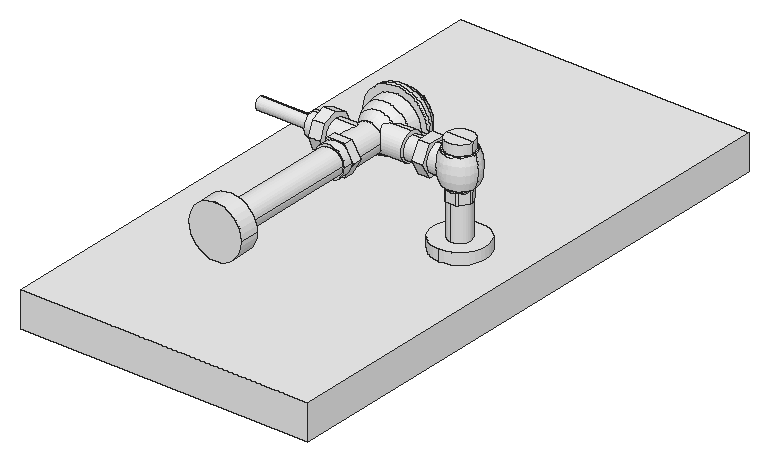
Revit family "Flush_valve-Manual-Zurn-Exposed-Water_closet-Z6000", category Plumbing Fixtures, host Face, Revit 2022
Family settings
  Host = Face
  Round Connector Dimension = Use Radius
  Part Type = Normal
  OmniClass Number = 23.45.05.14.99
  OmniClass Title = Other Sanitary Washing Plumbing Fixtures
  Cut with Voids When Loaded = No
  Maintain Annotation Orientation = No
  Shared = No
  Room Calculation Point = No
Parameters (values of type "Load Family Type Catalog")
  Waste Connection = 1 = 0  # no
  WFU = 0  # constant formula
  Vent Connection = 1 = 0  # no
  Valve Height [instance] = 11.50"
  Type Comments = "Z6000-ONE (1.1 GPF, 11-1/2\" R-I)"
  Repair Parts URL = "https://files.zurn.com/care-cleaning-install-warranty-sheets/fv250.pdf"
  Product data URL = "https://www.bimobject.com/en-us/zurnindustries/product/zurn_z6000"
  Product Page URL = "https://www.zurn.com/products/finish-plumbing/manual-flush-valves/diaphragm/z6000"
  Product Installation Sheet URL = "https://files.zurn.com/care-cleaning-install-warranty-sheets/fv250.pdf"
  Product Documentation Link = "https://files.zurn.com/spec-sheets/ss-z6000.pdf"
  Operating Water Pressure (PSI) = "25 – 80 PSI (172 – 552 kPa)"  # constant formula
  Modified Date = "07/31/2025"  # constant formula
  Max Working Water Temperature = 104 °F  # constant formula
  Manufacturer Brand = "Zurn"  # constant formula
  Main Material = Chrome-Plated Brass - Zurn - Polished
  Inlet Connection Size (inch) = 1.00"
  HWFU = 0  # constant formula
  HW Connection = 1 = 0  # no
  Flush Rate (GPF) = "1.1 GPF"
  Enter Value of  Centerline of Flush Valve to Wall (2.25- 4.25) [instance] = 5.00"
  URL = "https://www.zurn.com/"
  Model = "Z6000"  # constant formula
  Manufacturer = "Zurn Water, LLC"  # constant formula
  Description = "Exposed Flush Valve for Water Closets"  # constant formula
  Default Elevation = 48.00"
  Date Created = "07/31/2025"  # constant formula
  Centerline of Stop Valve to Centerline of Flush Valve = 4.75"  # constant formula
  Centerline of Flush Valve to Wall [instance] = if([Enter Value of  Centerline of Flush Valve to Wall (2.25- 4.25)] < 2.25", 2.25", if([Enter Value of  Centerline of Flush Valve to Wall (2.25- 4.25)] > 4.25", 4.25", [Enter Value of  Centerline of Flush Valve to Wall (2.25- 4.25)]))  # 4.25"
  CWFU = 0  # constant formula
  CW Connection = 1 = 1  # yes
  Assembly Code = "D2010.60"
  Activation Method = "Manual Operated"  # constant formula
Reference planes (in)
  plane 1 "Center (Front/Back)": y = 0
  plane 2: z = 0
  plane 3 "Center (Left/Right)": x = 0
  plane 4: y = 0
  plane 5: x = 4.75
  plane 6: z = 4.25
  plane 7: z = 4.25
  plane 8: x = 1.44
  plane 9: z = 4.25
  plane 10: y = 22.38
  plane 11: x = -1.2
  plane 12: x = -1.5
  plane 13: y = 9.13
  plane 14: y = 8.63
  plane 15: y = 8.13
  plane 16: z = -2
  plane 17: y = 11.5
  plane 18: z = 0.625
  plane 19: y = 6.015
  plane 20: y = 5.45
Forms (in)
  Extrusion 1, solid, material "Chrome-Plated Brass - Zurn - Polished" <- "Main Material"
    sketch origin (20.08675, -5.08734, 0) x (1, 0, 0) y (0, 1, 0)
      loop
        line (-28.30267, 32.83734) -> (-28.30267, 1.43535) -> (-11.87083, 1.43535) -> (-11.87083, 32.83734) -> (-28.30267, 32.83734)
    from 0 to -2
  Revolve 2, solid, material "Chrome-Plated Brass - Zurn - Polished" <- "Main Material"
    sketch origin (3.14024, -180, 4.25) x (-1, 0, 0) y (0, -1, 0)
      loop
        line (3.14024, -188.13) -> (3.14024, -181.34) -> (2.39024, -181.34) -> (2.39024, -188.13) -> (3.14024, -188.13)
      axis (3.14024, -188.13) -> (3.14024, -181.34)
    angle from 0 to 360
  Extrusion 3, solid, material "Chrome-Plated Brass - Zurn - Polished" <- "Main Material", detail levels fine
    sketch origin (-21.97181, 22.38, 48) x (-1, 0, 0) y (0, 0, 1)
      loop
        line (-22.4793, -42.871) -> (-22.98679, -43.75) -> (-22.4793, -44.629) -> (-21.33031, -44.629) -> (-20.88983, -43.86605) -> (-21.46432, -42.871) -> (-22.4793, -42.871)
    from -13.25 to -13.75
  Extrusion 4, solid, material "Chrome-Plated Brass - Zurn - Polished" <- "Main Material", detail levels fine
    sketch origin (0, 0, 0) x (1, 0, 0) y (0, 0, 1)
      loop
        circle (0, 4.25) r 0.86693
    from -8.63 to -8.13
  Extrusion 5, solid, material "Chrome-Plated Brass - Zurn - Polished" <- "Main Material"
    sketch origin (0, 18.18451, 4.25) x (0, 1, 0) y (-1, 0, 0)
      loop
        circle (-6.68451, -4.75) r 1.5
    from -3.625 to -4.25
  Extrusion 6, solid, material "Chrome-Plated Brass - Zurn - Polished" <- "Main Material"
    sketch origin (0, 18.18451, 4.25) x (0, 1, 0) y (-1, 0, 0)
      loop
        circle (-6.68451, -4.75) r 0.625
    from 0 to -3.625
  Extrusion 7, solid, material "Chrome-Plated Brass - Zurn - Polished" <- "Main Material", detail levels coarse+medium
    sketch origin (0, 0, 0) x (1, 0, 0) y (0, 0, 1)
      loop
        circle (0, 4.25) r 1.08
    from -9.13 to -8.13
Lines and regions (in)
  Masking region 1
    outline origin (0, 0, 0) x (1, 0, 0) y (0, 0, 1)
      loop
        line (-5.75, 3.91) -> (-2.74, 3.91) -> (-2.74, 3.611) -> (-2.14, 3.611) -> (-2.14, 3.1937) -> (-1.5, 3.1937)
        arc (-1.5, 3.1937) -> (0.15878, 2.42228) -> (1.65968, 3.4682) r 1.8346
        line (1.65968, 3.4682) -> (2.82524, 3.4682) -> (2.82524, 3.24) -> (3.67284, 3.24) -> (3.67284, 0.625) -> (3.25, 0.625) -> (3.25, 0) -> (6.25, 0) -> (6.25, 0.625) -> (5.84, 0.625) -> (5.84, 5.7) -> (3.66, 5.7) -> (3.66, 5.26) -> (2.82524, 5.26) -> (2.82524, 5.03116) -> (1.65999, 5.03116)
        arc (1.65999, 5.03116) -> (0.15914, 6.07769) -> (-1.5, 5.3063) r 1.8346
        line (-1.5, 5.3063) -> (-2.14, 5.3063) -> (-2.14, 4.889) -> (-2.74, 4.889) -> (-2.74, 4.59) -> (-5.75, 4.59) -> (-5.75, 3.91)
  symbolic lines, detail levels fine
    curve 1: arc (16.13166, 1.53838, 0) -> (16.10438, 1.57544, 0) -> (16.06088, 1.56041, 0) r 0.03882
    curve 2: arc (16.01901, -1.49785, 0) -> (16.0878, -1.52321, 0) -> (16.13166, -1.46447, 0) r 0.06127
Dimensions and locks (in)
  locked: plane 4 to plane 1 "Center (Front/Back)"
  "Centerline of Stop Valve to Centerline of Flush Valve": plane 3 "Center (Left/Right)" to plane 5
  "Centerline of Flush Valve to Wall": plane 6 to Extrusion 1
  locked: plane 7 to plane 6
  locked: plane 3 "Center (Left/Right)" to plane 8 at 1.44
  locked: nested 2 to plane 9 at 1.45
  locked: nested 3 to Revolve 2 sketch curve at 0.75
  locked: plane 11 to plane 3 "Center (Left/Right)" at 1.2
  locked: plane 12 to plane 3 "Center (Left/Right)" at 1.5
  locked: plane 14 to plane 15 at 0.5
  equal spacing: Extrusion 1 sketch curve, plane 3 "Center (Left/Right)", Extrusion 1 sketch curve
  locked: Extrusion 1 sketch curve to Extrusion 1 sketch curve at 16.43183
  locked: plane 4 to Extrusion 1 sketch curve at 3.652
  locked: level to plane 16 at 2
  "Valve Height": plane 17 to plane 4
  locked: plane 18 to level at 0.625
  plane 15 to plane 19 = 2.115"
  locked: plane 15 to plane 20 at 2.68
  locked: plane 13 to plane 14 at 0.5
  locked: plane 17 to plane 13 at 2.37
  equal spacing: Masking region 1 sketch curve, nested 3, Masking region 1 sketch curve  (x3)
  locked: Masking region 1 sketch curve to Masking region 1 sketch curve at 0.68
  locked: Masking region 1 sketch curve to Masking region 1 sketch curve at 1.278
  locked: Masking region 1 sketch curve to Masking region 1 sketch curve at 2.1126
  equal spacing: Masking region 1 sketch curve, plane 5, Masking region 1 sketch curve  (x2)
  locked: Masking region 1 sketch curve to Masking region 1 sketch curve at 2.18
  locked: Masking region 1 sketch curve to Masking region 1 sketch curve at 3
  equal spacing: Masking region 1 sketch curve, plane 9, Masking region 1 sketch curve
  locked: Masking region 1 sketch curve to Masking region 1 sketch curve at 2.02
  aligned and locked: nested 1 to plane 3 "Center (Left/Right)"
  aligned and locked: nested 1 to plane 4
  aligned and locked: nested 1 to plane 7
  aligned and locked: nested 3 to plane 6
  aligned and locked: nested 3 to plane 3 "Center (Left/Right)"
  aligned and locked: plane 7 to plane 9
  aligned and locked: Revolve 2 sketch curve to plane 3 "Center (Left/Right)"
  aligned and locked: Extrusion 3 sketch curve to nested 3  (x5)
  aligned and locked: Extrusion 3 to plane 14
  aligned and locked: nested 1 to Extrusion 4 sketch curve  (x2)
  aligned and locked: Extrusion 4 to Extrusion 3
  aligned and locked: Extrusion 4 to plane 15
  aligned and locked: plane 17 to nested 2
  aligned and locked: plane 5 to Extrusion 5 sketch curve
  aligned and locked: plane 17 to Extrusion 5 sketch curve
  aligned and locked: Extrusion 5 to Extrusion 1
  aligned and locked: plane 18 to Extrusion 5
  aligned and locked: nested 2 to Extrusion 6 sketch curve
  aligned and locked: plane 17 to Extrusion 6 sketch curve
  aligned and locked: Extrusion 6 to Extrusion 5
  aligned and locked: nested 3 to Extrusion 6
  aligned and locked: Revolve 2 sketch curve to Extrusion 4
  aligned and locked: Revolve 2 sketch curve to Revolve 2 sketch curve
  aligned and locked: nested 3 to plane 17
  aligned and locked: plane 13 to Extrusion 3
  aligned and locked: nested 1 to Extrusion 7 sketch curve  (x2)
  aligned and locked: plane 13 to Extrusion 7
  aligned and locked: Extrusion 7 to plane 15
  aligned and locked: Masking region 1 sketch curve to nested 3  (x3)
  aligned and locked: nested 3 to Masking region 1 sketch curve  (x2)
  aligned and locked: Masking region 1 sketch curve to nested 2  (x3)
  aligned and locked: Extrusion 1 to Masking region 1 sketch curve
  aligned and locked: Masking region 1 sketch curve to Extrusion 5  (x2)
  aligned and locked: plane 3 "Center (Left/Right)" to Masking region 1 sketch curve
  aligned and locked: nested 1 to Masking region 1 sketch curve  (x3)
  aligned and locked: nested 1 to Revolve 2 sketch curve
Automatic sketch dimensions
  plane 1 "Center (Front/Back)" to curve 2 = 1.46447"
  plane 5 to curve 2 = 11.32039"
  curve 2 to curve 1 = 0.02245"
  curve 1 to plane 1 "Center (Front/Back)" = 1.53838"
  curve 2 to curve 2 = 0.05138"
  curve 1 to curve 1 = 0.03196"
  curve 1 to curve 1 = 0.03882"
  curve 2 to curve 2 = 0.06127"
  Extrusion 3 sketch curve to plane 3 "Center (Left/Right)" = 0.6415"
  Extrusion 3 sketch curve to plane 6 = 0.11605"
  Extrusion 1 sketch curve to Extrusion 1 sketch curve = 31.402"
  Masking region 1 sketch curve to plane 12 = 0.00"  (x2)
  plane 8 to Masking region 1 sketch curve = 0.21999"
  Masking region 1 sketch curve to Masking region 1 sketch curve = 0.8476"
  plane 8 to Masking region 1 sketch curve = 0.21968"
  Revolve 2 sketch curve to plane 15 = 0.00"
  plane 1 "Center (Front/Back)" to Revolve 2 sketch curve = 0.69"
  radius of Extrusion 4 sketch curve = 0.86693"
  radius of Extrusion 5 sketch curve = 1.50"
  radius of Extrusion 6 sketch curve = 0.625"
  radius of Extrusion 7 sketch curve = 1.08"
Nested families (in)
  nested 1: "1.Part_Tube_ genric" at (0, -3.28111, 4.25) x (-1, 0, 0) z (0, 1, 0), type "1.Part_Tube_ genric"
  nested 2: "3. Stop Valve" at (4.75, 11.5, 4.2375) x (-1, 0, 0) z (0, 0, 1), type "Family2"
  nested 3: "Manual FV-Head" at (0, 9.1333, 4.25) x (-1, 0, 0) z (0, 1, 0), type "Manual FV-Head"
Connectors (in)
  piping at (4.75, 11.5, 0), diameter 2, driven by "Inlet Connection Size (inch)", driven by "CW Connection"
    settings: on Extrusion 5, index 1, connector inside diameter 24", connector length 0.00", flow factor 0, pipe flow 0 GPM, pressure drop 0.00 psi, fitting loss kfactor 0, connector angle 0.00°, fixture units 0, engagement length 0.00", angle of deflection 0.00°, flow configuration 0, flow direction 1, fitting loss method 0, system type 20, joint type 0, gender type 0, connector reference index -1, connector utility 1, adjustable connector no, is connector primary yes, connector description "Domestic Water inlet"
Definition of nested family "1.Part_Tube_ genric"
  Parameters (values of type "1.Part_Tube_ genric")
    Default Elevation = 48.00"
  Reference planes (in)
    plane 1 "Center (Front/Back)": y = 0
    plane 2: z = 3.28111
    plane 3 "Center (Left/Right)": x = 0
    plane 4: x = -1.5
    plane 5: x = 1.5
    plane 6: z = 4.37111
    plane 7: z = 4.62111
  Forms (in)
    Extrusion 1, solid, detail levels fine
      sketch origin (0, 0, 3.28111) x (1, 0, 0) y (0, 1, 0)
        loop
          circle (0, 0) r 1.5
      from 0 to 1.09
    Extrusion 2, solid, detail levels fine
      sketch origin (0, 0, 3.28111) x (1, 0, 0) y (0, 1, 0)
        loop
          line (1.14898, -0.00001) -> (0.57452, 0.995) -> (-0.57453, 0.995) -> (-1.14898, 0.00001) -> (-0.57452, -0.995) -> (0.57453, -0.995) -> (1.14898, -0.00001)
      from 1.09 to 1.34
    Revolve 3, solid, detail levels coarse+medium
      sketch origin (0, 0, 0) x (1, 0, 0) y (0, 0, 1)
        loop
          line (-1.14898, 4.62111) -> (-1.14898, 4.37111) -> (-1.5, 4.37111) -> (-1.5, 3.28111) -> (0, 3.28111) -> (0, 4.62111) -> (-1.14898, 4.62111)
        axis (0, 4.62111) -> (0, 3.28111)
      angle from 0 to 360
  Dimensions and locks (in)
    equal spacing: plane 5, plane 3 "Center (Left/Right)", plane 4, locked at 1.5 each
    locked: plane 3 "Center (Left/Right)" to plane 4 at 1.5
    locked: plane 6 to level at 1.09
    locked: plane 7 to plane 6 at 0.25
    equal spacing: Extrusion 2 sketch curve, plane 1 "Center (Front/Back)", Extrusion 2 sketch curve
    locked: Extrusion 2 sketch curve to Extrusion 2 sketch curve at 1.99
    equal spacing: Extrusion 2 sketch curve, plane 3 "Center (Left/Right)", Extrusion 2 sketch curve  (x2)
    locked: Extrusion 2 sketch curve to Extrusion 2 sketch curve at 1.99011
    locked: Extrusion 2 sketch curve to Extrusion 2 sketch curve at 1.99009
    locked: Extrusion 2 sketch curve to Extrusion 2 sketch curve (angle 120.00°)  (x5)
    angle Extrusion 2 sketch curve to Extrusion 2 sketch curve = 120.00°
    aligned and locked: plane 2 to level
    aligned and locked: plane 3 "Center (Left/Right)" to Extrusion 1 sketch curve
    aligned and locked: plane 1 "Center (Front/Back)" to Extrusion 1 sketch curve
    aligned and locked: plane 6 to Extrusion 1
    aligned and locked: plane 7 to Extrusion 2
    aligned and locked: Extrusion 2 to Extrusion 1
    aligned and locked: Revolve 3 sketch curve to Extrusion 2
    aligned and locked: plane 6 to Revolve 3 sketch curve
    aligned and locked: Revolve 3 sketch curve to plane 4
    aligned and locked: Revolve 3 sketch curve to level
    aligned and locked: Revolve 3 sketch curve to plane 3 "Center (Left/Right)"  (x2)
    aligned and locked: Extrusion 2 to Revolve 3 sketch curve
  Automatic sketch dimensions
    Revolve 3 sketch curve to level = 0.41"
    plane 7 to Revolve 3 sketch curve = 0.50"
    radius of Extrusion 1 sketch curve = 1.50"
Definition of nested family "3. Stop Valve"
  Parameters (values of type "Family2")
    Default Elevation = 0.00"
  Reference planes (in)
    plane 1 "Center (Front/Back)": y = 0
    plane 2: z = 0
    plane 3 "Center (Left/Right)": x = 0
  Dimensions and locks (in)
    aligned and locked: plane 2 to level
  Nested families (in)
    nested 1: "Stop Valve_ plumbing Fixture_ Genric Template" at (0, 0, 0) x (-1, 0, 0) z (0, -1, 0), type "3.Part_ Stop Valve"
  Definition of nested family "Stop Valve_ plumbing Fixture_ Genric Template"
    Parameters (values of type "3.Part_ Stop Valve")
      Stop Body Finish = none
      Default Elevation = 48.00"
      Assembly Code = ""
    Reference planes (in)
      plane 1 "Center (Front/Back)": y = 0
      plane 2: z = 0
      plane 3 "Center (Left/Right)": x = 0
      plane 4: x = -3.1
      plane 5 "Middle Plane": z = 0
      plane 6: x = 0
      plane 7: x = -3.1
    Forms (in)
      Revolve 1, solid, material <- "Stop Body Finish", detail levels fine
        sketch origin (5.11008, 2.28141, 0) x (-1, 0, 0) y (0, -1, 0)
          loop
            line (4.36008, 3.18991) -> (4.25498, 3.18991)
            arc (4.25498, 3.18991) -> (4.22986, 3.18245) -> (4.21289, 3.16248) r 0.046
            arc (4.21289, 3.16248) -> (4.03022, 2.31942) -> (4.19363, 1.47241) r 2.15
            line (4.19363, 1.47241) -> (4.27508, 1.47241)
            arc (4.27508, 1.47241) -> (4.36347, 1.4358) -> (4.40008, 1.34741) r 0.125
            line (4.40008, 1.34741) -> (4.40008, 1.29134) -> (4.46008, 1.18741) -> (5.11008, 1.18741) -> (5.11008, 3.74391) -> (4.36008, 3.74391) -> (4.36008, 3.18991)
          axis (5.11008, 3.74391) -> (5.11008, 1.18741)
        angle from 0 to 360
      Revolve 2, solid, material <- "Stop Body Finish", detail levels fine
        sketch origin (5.11008, 2.29491, 0) x (-1, 0, 0) y (0, -1, 0)
          loop
            line (6.40484, 2.29491) -> (6.40484, 3.07741) -> (4.98008, 3.07741) -> (4.98008, 2.29491) -> (6.40484, 2.29491)
          axis (4.98008, 2.29491) -> (6.40484, 2.29491)
        angle from 0 to 360
      Extrusion 3, solid, material <- "Stop Body Finish", detail levels fine
        sketch origin (0, 0.96642, 0) x (1, 0, 0) y (0, 0, -1)
          loop
            line (-0.70575, -0.07761) -> (-0.42009, -0.57239)
            arc (-0.42009, -0.57239) -> (-0.355, -0.61488) -> (-0.28566, -0.65) r 0.71
            line (-0.28566, -0.65) -> (0.28566, -0.65)
            arc (0.28566, -0.65) -> (0.355, -0.61488) -> (0.42009, -0.57239) r 0.71
            line (0.42009, -0.57239) -> (0.70575, -0.07761)
            arc (0.70575, -0.07761) -> (0.71, 0) -> (0.70575, 0.07761) r 0.71
            line (0.70575, 0.07761) -> (0.42009, 0.57239)
            arc (0.42009, 0.57239) -> (0.355, 0.61488) -> (0.28566, 0.65) r 0.71
            line (0.28566, 0.65) -> (-0.28566, 0.65)
            arc (-0.28566, 0.65) -> (-0.355, 0.61488) -> (-0.42009, 0.57239) r 0.71
            line (-0.42009, 0.57239) -> (-0.70575, 0.07761)
            arc (-0.70575, 0.07761) -> (-0.71, 0) -> (-0.70575, -0.07761) r 0.71
        from 0 to 0.70508
      Extrusion 4, solid, material <- "Stop Body Finish", detail levels fine
        sketch origin (-1.29476, 0, 0) x (0, 0, -1) y (0, -1, 0)
          loop
            line (-0.50085, 0.8675) -> (-1.0017, 0) -> (-0.50085, -0.8675) -> (0.50085, -0.8675) -> (1.0017, 0) -> (0.50085, 0.8675) -> (-0.50085, 0.8675)
        from 0 to 0.63
      Extrusion 5, solid, detail levels fine
        sketch origin (-1.92476, 0, 0) x (0, 0, -1) y (0, -1, 0)
          loop
            circle (0, 0) r 0.6385
        from 0 to 1.17524
      Extrusion 6, solid, detail levels coarse+medium
        sketch origin (0, 0, 0) x (1, 0, 0) y (0, 0, 1)
          loop
            circle (0, 0) r 1.085
        from 1.4625 to -1.6715
      Revolve 7, solid, detail levels coarse+medium
        sketch origin (0, 0, 0) x (1, 0, 0) y (0, 1, 0)
          loop
            line (-3.1, 0) -> (0, 0) -> (0, 0.7825) -> (-1.29476, 0.7825) -> (-1.29476, 0.995) -> (-1.92476, 0.995) -> (-1.92476, 0.64096) -> (-3.1, 0.64096) -> (-3.1, 0)
          axis (-3.1, 0) -> (0, 0)
        angle from 0 to 360
    Cuts and joins
      joined: Revolve 1, Revolve 2, Extrusion 3, Extrusion 4
    Lines and regions (in)
      model lines, not visible
        curve 1: circle (0, -1.4625, 0) r 0.75 normal (0, -1, 0)
        curve 2: circle (0, 1.6715, 0.02784) r 0.71055 normal (0, -1, 0)
        curve 3: line (-1.29476, -0.7825, 0) -> (-0.93627, -0.7825, 0)
        curve 4: line (-0.93627, -0.7825, 0) -> (-0.89082, -0.9085, 0)
        curve 5: line (-0.75, -1.4625, 0) -> (-0.75, -0.9085, 0)
        curve 8: arc (0.86386, -0.9085, 0) -> (1.07581, -0.05543, 0) -> (0.91645, 0.809, 0) r 2.07986
        curve 9: line (0.71055, 1.6715, 0) -> (0.71055, 0.809, 0)
        curve 10: line (-0.71, 1.6715, 0) -> (-0.71, 0.809, 0)
        curve 11: line (-0.92722, 0.7825, 0) -> (-1.29476, 0.7825, 0)
      model lines, not visible, detail levels coarse+medium
        curve 6: line (0.75, -1.4625, 0) -> (0.75, -0.9085, 0)
        curve 7: line (0.75, -0.9085, 0) -> (0.86386, -0.9085, 0)
    Dimensions and locks (in)
      plane 3 "Center (Left/Right)" to plane 4 = 3.10"
      locked: plane 1 "Center (Front/Back)" to Revolve 7 sketch curve at 0.64096
      plane 1 "Center (Front/Back)" to Revolve 7 sketch curve = 0.995"
      locked: plane 5 "Middle Plane" to level
      locked: plane 6 to plane 3 "Center (Left/Right)"
      locked: plane 7 to plane 6 at 3.1
      aligned and locked: level to plane 2
      aligned and locked: plane 1 "Center (Front/Back)" to Extrusion 5 sketch curve
      aligned and locked: level to Extrusion 5 sketch curve
      aligned and locked: Extrusion 5 to plane 4
      aligned and locked: plane 3 "Center (Left/Right)" to Extrusion 6 sketch curve
      aligned and locked: level to Extrusion 6 sketch curve
      aligned and locked: Extrusion 6 to curve 2
      aligned and locked: Extrusion 6 to curve 1
      aligned and locked: Revolve 7 sketch curve to plane 3 "Center (Left/Right)"
      aligned and locked: plane 1 "Center (Front/Back)" to Revolve 7 sketch curve  (x2)
      aligned and locked: Revolve 7 sketch curve to cut or joined group of Revolve 1, Revolve 2, Extrusion 3, Extrusion 4  (x2)
      aligned and locked: Revolve 7 sketch curve to curve 11
      aligned and locked: plane 4 to Revolve 7 sketch curve
Definition of nested family "Manual FV-Head"
  Parameters (values of type "Manual FV-Head")
    Repair Parts URL = ""
    Product data URL = ""
    Product Weight (lbs) = 0
    Product Page URL = ""
    Product Installation Sheet URL = ""
    Product Documentation Link = ""
    Operating Water Pressure (PSI) = ""
    Modified Date = ""
    Max Working Water Temperature = -459.67 °F
    Manufacturer Brand = ""
    Main Material = none
    Inlet Connection Size (inch) = 0.00"
    Flush Rate (GPF) = ""
    Flow Rate (GPM) = 0 GPM
    Default Elevation = 48.00"
    Date Created = ""
    Aerator Flow Rate (GPM) = 0.0 gal
    Activation Method = ""
  Reference planes (in)
    plane 1 "Center (Front/Back)": y = 0
    plane 2: z = 0
    plane 3 "Center (Left/Right)": x = 0
    plane 4: z = 3.703
    plane 5: z = 4.843
    plane 6: x = 1.8325
    plane 7: x = 1.25
    plane 8: z = 4.07
    plane 9: z = 4.843
    plane 10: z = 5.113
    plane 11: x = -1.452
    plane 12: x = -0.8395
    plane 13: z = 2.69
    plane 14: z = 1.346
    plane 15: z = 1.261
    plane 16: x = 1.45
    plane 17: x = 2.14
    plane 18: x = 2.74
    plane 19: x = 5.75
    plane 20: z = 2.3667
    plane 21: x = -2
  Forms (in)
    Revolve 1, solid, material <- "Main Material", detail levels fine
      sketch origin (0, 0, 0) x (1, 0, 0) y (0, 0, 1)
        loop
          line (0, 3.703) -> (1.8325, 3.703) -> (1.8325, 3.9027)
          arc (1.8325, 3.9027) -> (1.80666, 4.06135) -> (1.73182, 4.20361) r 0.5
          line (1.73182, 4.20361) -> (1.40003, 4.64391)
          arc (1.40003, 4.64391) -> (1.22381, 4.79047) -> (1.00071, 4.843) r 0.5
          line (1.00071, 4.843) -> (0, 4.843) -> (0, 3.703)
        axis (0, 4.843) -> (0, 3.703)
      angle from 0 to 360
    Extrusion 2, solid, material <- "Main Material", detail levels fine
      sketch origin (0, 0, 0) x (1, 0, 0) y (0, 1, 0)
        loop
          line (-0.50749, 0.879) -> (-1.01498, 0) -> (-0.50749, -0.879) -> (0.50749, -0.879) -> (1.01498, 0) -> (0.50749, 0.879) -> (-0.50749, 0.879)
      from 4.843 to 5.113
    Revolve 3, solid, material <- "Main Material", detail levels fine
      sketch origin (0, 0, 0) x (1, 0, 0) y (0, 0, 1)
        loop
          line (0, 1.8) -> (0, 3.703) -> (-1.452, 3.703) -> (-1.33315, 2.99744)
          arc (-1.33315, 2.99744) -> (-1.25374, 2.71616) -> (-1.11572, 2.45853) r 1.35193
          arc (-1.11572, 2.45853) -> (-0.91135, 2.15706) -> (-0.8395, 1.8) r 0.92309
          line (-0.8395, 1.8) -> (0, 1.8)
        axis (0, 3.703) -> (0, 1.8)
      angle from 0 to 360
    Extrusion 4, solid, material <- "Main Material"
      sketch origin (0, 0, 0) x (0, 1, 0) y (0, 0, 1)
        loop
          circle (0, 1.261) r 0.764
      from 0 to 1.45
    Extrusion 5, solid, material <- "Main Material"
      sketch origin (0, 0, 0) x (0, 1, 0) y (0, 0, 1)
        loop
          circle (0, 1.261) r 0.639
      from 2.14 to 2.74
    Extrusion 6, solid, material <- "Main Material", detail levels coarse+medium
      sketch origin (0, 0, 0) x (0, 1, 0) y (0, 0, 1)
        loop
          circle (0, 1.261) r 1.0563
      from 2.14 to 1.45
    Revolve 7, solid, material <- "Main Material", detail levels coarse+medium
      sketch origin (0, 0, 0) x (1, 0, 0) y (0, 0, 1)
        loop
          line (0, 1.8) -> (0.8395, 1.8)
          arc (0.8395, 1.8) -> (1.2915, 2.70924) -> (1.5, 3.703) r 4
          line (1.5, 3.703) -> (1.8484, 3.703) -> (1.8484, 4.843) -> (1.01498, 4.843) -> (1.01498, 5.113) -> (0, 5.113) -> (0, 1.8)
        axis (0, 5.113) -> (0, 1.8)
      angle from 0 to 360
    Extrusion 8, solid, material <- "Main Material"
      sketch origin (0, 0, 0) x (1, 0, 0) y (0, 1, 0)
        loop
          circle (0, 0) r 0.8143
      from 0 to 1.8
    Extrusion 9, solid, material <- "Main Material", detail levels fine
      sketch origin (0, 0, 0) x (0, 1, 0) y (0, 0, 1)
        loop
          line (0, 2.311) -> (-0.74246, 2.00346) -> (-1.05, 1.261) -> (-0.74246, 0.51854) -> (0, 0.211) -> (0.74246, 0.51854) -> (1.05, 1.261) -> (0.74246, 2.00346) -> (0, 2.311)
      from 1.45 to 2.14
    Extrusion 10, solid, material <- "Main Material"
      sketch origin (0, 0, 0) x (0, 1, 0) y (0, 0, 1)
        loop
          circle (0, 1.261) r 0.34
      from 2.74 to 5.75
    Extrusion 11, solid, material <- "Main Material"
      sketch origin (0, 0, 0) x (0, 1, 0) y (0, 0, 1)
        loop
          circle (0, 2.3667) r 0.7813
      from -2 to 0
  Dimensions and locks (in)
    locked: level to plane 4 at 3.703
    locked: plane 4 to plane 5 at 1.14
    locked: plane 4 to plane 8 at 0.367
    equal spacing: Extrusion 2 sketch curve, plane 3 "Center (Left/Right)", Extrusion 2 sketch curve, locked at 1.01498 each
    equal spacing: Extrusion 2 sketch curve, plane 3 "Center (Left/Right)", Extrusion 2 sketch curve, locked at 0.879 each  (x2)
    locked: plane 9 to plane 4 at 1.14
    locked: plane 10 to plane 9 at 0.27
    locked: plane 3 "Center (Left/Right)" to plane 11 at 1.452
    locked: plane 3 "Center (Left/Right)" to plane 12 at 0.8395
    locked: plane 13 to level at 2.69
    locked: Revolve 3 sketch curve to plane 13 at 0.532
    locked: plane 13 to Revolve 3 sketch curve at 0.89
    equal spacing: plane 3 "Center (Left/Right)", Revolve 3 sketch curve, Revolve 3 sketch curve
    locked: plane 14 to level at 1.346
    locked: plane 15 to level at 1.261
    equal spacing: Extrusion 2 sketch curve, plane 1 "Center (Front/Back)", Extrusion 2 sketch curve, locked at 0.879 each
    locked: Revolve 7 sketch curve to plane 3 "Center (Left/Right)" at 1.8484
    locked: Revolve 7 sketch curve to Revolve 7 sketch curve at 2.48735
    locked: Revolve 7 sketch curve to plane 4 at 0.31782
    equal spacing: Extrusion 9 sketch curve, plane 15, Extrusion 9 sketch curve  (x4)
    locked: Extrusion 9 sketch curve to Extrusion 9 sketch curve at 1.94015  (x4)
    locked: plane 16 to plane 3 "Center (Left/Right)" at 1.45
    locked: plane 17 to plane 16 at 0.69
    locked: plane 18 to plane 3 "Center (Left/Right)" at 2.74
    locked: plane 19 to plane 3 "Center (Left/Right)" at 5.75
    locked: plane 20 to level at 2.3667
    locked: plane 3 "Center (Left/Right)" to plane 21 at 2
    radius of Extrusion 8 sketch curve = 0.8143"
    radius of Extrusion 10 sketch curve = 0.34"
    locked: Extrusion 2 sketch curve to Extrusion 2 sketch curve (angle 120.00°)  (x4)
    angle Extrusion 2 sketch curve to Extrusion 2 sketch curve = 120.00°
    locked: Extrusion 9 sketch curve to Extrusion 9 sketch curve (angle 135.00°)  (x7)
    angle Extrusion 9 sketch curve to Extrusion 9 sketch curve = 135.00°
    aligned and locked: plane 2 to level
    aligned and locked: Revolve 1 sketch curve to plane 3 "Center (Left/Right)"  (x2)
    aligned and locked: plane 5 to Revolve 1 sketch curve
    aligned and locked: Extrusion 2 to plane 9
    aligned and locked: plane 10 to Extrusion 2
    aligned and locked: plane 11 to Revolve 3 sketch curve
    aligned and locked: plane 12 to Revolve 3 sketch curve
    aligned and locked: Revolve 3 sketch curve to Revolve 3 sketch curve
    aligned and locked: plane 3 "Center (Left/Right)" to Revolve 3 sketch curve
    aligned and locked: plane 4 to Revolve 3 sketch curve
    aligned and locked: Revolve 3 sketch curve to plane 3 "Center (Left/Right)"
    aligned and locked: plane 15 to Extrusion 4 sketch curve
    aligned and locked: plane 1 "Center (Front/Back)" to Extrusion 4 sketch curve
    aligned and locked: plane 1 "Center (Front/Back)" to Extrusion 5 sketch curve
    aligned and locked: plane 15 to Extrusion 5 sketch curve
    aligned and locked: plane 1 "Center (Front/Back)" to Extrusion 6 sketch curve
    aligned and locked: plane 15 to Extrusion 6 sketch curve
    aligned and locked: Revolve 7 sketch curve to Extrusion 2
    aligned and locked: plane 10 to Revolve 7 sketch curve
    aligned and locked: Revolve 7 sketch curve to plane 3 "Center (Left/Right)"  (x2)
    aligned and locked: Revolve 7 sketch curve to plane 4
    aligned and locked: plane 9 to Revolve 7 sketch curve
    aligned and locked: Revolve 3 to Revolve 7 sketch curve
    aligned and locked: plane 3 "Center (Left/Right)" to Extrusion 8 sketch curve
    aligned and locked: plane 1 "Center (Front/Back)" to Extrusion 8 sketch curve
    aligned and locked: Extrusion 8 to Revolve 3
    aligned and locked: Extrusion 8 to level
    aligned and locked: plane 1 "Center (Front/Back)" to Extrusion 10 sketch curve
    aligned and locked: plane 15 to Extrusion 10 sketch curve
    aligned and locked: plane 16 to Extrusion 4
    aligned and locked: Extrusion 4 to plane 3 "Center (Left/Right)"
    aligned and locked: plane 17 to Extrusion 9
    aligned and locked: Extrusion 9 to Extrusion 4
    aligned and locked: plane 18 to Extrusion 5
    aligned and locked: Extrusion 5 to Extrusion 9
    aligned and locked: plane 19 to Extrusion 10
    aligned and locked: Extrusion 10 to Extrusion 5
    aligned and locked: Extrusion 6 to Extrusion 9
    aligned and locked: plane 1 "Center (Front/Back)" to Extrusion 11 sketch curve
    aligned and locked: plane 20 to Extrusion 11 sketch curve
    aligned and locked: plane 3 "Center (Left/Right)" to Extrusion 11
    aligned and locked: Extrusion 11 to plane 21
  Automatic sketch dimensions
    plane 1 "Center (Front/Back)" to Extrusion 2 sketch curve = 0.00"
    Extrusion 2 sketch curve to plane 3 "Center (Left/Right)" = 0.50749"
    plane 6 to Revolve 1 sketch curve = 0.00"
    Revolve 1 sketch curve to plane 4 = 0.00"
    plane 7 to Revolve 1 sketch curve = 0.24929"
    Revolve 1 sketch curve to plane 7 = 0.0825"
    Revolve 1 sketch curve to plane 7 = 0.15003"
    plane 6 to Revolve 1 sketch curve = 0.10068"
    Revolve 1 sketch curve to plane 4 = 0.5634"
    Revolve 1 sketch curve to Revolve 1 sketch curve = 0.2966"
    Revolve 3 sketch curve to plane 3 "Center (Left/Right)" = 0.00"
    Revolve 3 sketch curve to plane 11 = 0.31059"
    plane 11 to Revolve 3 sketch curve = 0.11885"
    Revolve 3 sketch curve to Revolve 3 sketch curve = 0.16645"
    Revolve 3 sketch curve to Revolve 3 sketch curve = 0.21859"
    Extrusion 2 sketch curve to Extrusion 2 sketch curve = 0.50749"
    Revolve 7 sketch curve to Revolve 7 sketch curve = 0.3484"
    plane 14 to Revolve 7 sketch curve = 0.15706"
    Revolve 7 sketch curve to Revolve 7 sketch curve = 0.39006"
    Extrusion 9 sketch curve to plane 15 = 0.00"
    radius of Extrusion 4 sketch curve = 0.764"
    radius of Extrusion 5 sketch curve = 0.639"
    radius of Extrusion 6 sketch curve = 1.0563"
    radius of Extrusion 11 sketch curve = 0.7813"
Types in the file's own list only (24): name | Type Comments | Inlet Connection Size (inch) | Flush Rate (GPF) | Default Elevation | Centerline of Stop Valve to Centerline of Flush Valve
  Z6000-ONE (1.1 GPF, 11-1/2") | "Z6000-ONE (1.1 GPF, 11-1/2\" R-I)" | 1.00 " | "1.1 GPF" | 48.00 " | 4.75 "
  Z6000-HET (1.28 GPF, 11-1/2") | "Z6000-HET (1.28 GPF, 11-1/2\" R-I)" | 1.00 " | "1.28 GPF" | 48.00 " | 4.75 "
  Z6000-WS1-DF (1.6 GPF / 1.1 GPF, 11-1/2") | "Z6000-WS1-DF (1.6 GPF / 1.1 GPF, 11-1/2\" R-I)" | 1.00 " | "1.6 GPF / 1.1 GPF" | 48.00 " | 4.75 "
  Z6000-DF (3.5 GPF / 2.4 GPF, 11-1/2") | "Z6000-DF (3.5 GPF / 2.4 GPF, 11-1/2\" R-I)" | 1.00 " | "3.5 GPF / 2.4 GPF" | 48.00 " | 4.75 "
  Z6000-WS1 (1.6 GPF, 11-1/2") | "Z6000-WS1 (1.6 GPF, 11-1/2\" R-I)" | 1.00 " | "1.6 GPF" | 48.00 " | 4.75 "
  Z6000 (3.5 GPF, 11-1/2") | "Z6000 (3.5 GPF, 11-1/2\" R-I)" | 1.00 " | "3.5 GPF" | 48.00 " | 4.75 "
  Z6000-1-ONE (1.1 GPF, 16") | "Z6000-1-ONE (1.1 GPF, 16\" R-I)" | 1.00 " | "1.1 GPF" | 48.00 " | 4.75 "
  Z6000-1-HET (1.28 GPF, 16") | "Z6000-1-HET (1.28 GPF, 16\" R-I)" | 1.00 " | "1.28 GPF" | 48.00 " | 4.75 "
  Z6000-1-WS1-DF (1.6 GPF / 1.1 GPF, 16") | "Z6000-1-WS1-DF (1.6 GPF / 1.1 GPF, 16\" R-I)" | 1.00 " | "1.6 GPF / 1.1 GPF" | 48.00 " | 4.75 "
  Z6000-1-DF (3.5 GPF / 2.4 GPF, 16") | "Z6000-1-DF (3.5 GPF / 2.4 GPF, 16\" R-I)" | 1.00 " | "3.5 GPF / 2.4 GPF" | 48.00 " | 4.75 "
  Z6000-1-WS1 (1.6 GPF, 16") | "Z6000-1-WS1 (1.6 GPF, 16\" R-I)" | 1.00 " | "1.6 GPF" | 48.00 " | 4.75 "
  Z6000-1 (3.5 GPF, 16") | "Z6000-1 (3.5 GPF, 16\" R-I)" | 1.00 " | "3.5 GPF" | 48.00 " | 4.75 "
  Z6000-2-ONE (1.1 GPF, 24") | "Z6000-2-ONE (1.1 GPF, 24\" R-I)" | 1.00 " | "1.1 GPF" | 48.00 " | 4.75 "
  Z6000-2-HET (1.28 GPF, 24") | "Z6000-2-HET (1.28 GPF, 24\" R-I)" | 1.00 " | "1.28 GPF" | 48.00 " | 4.75 "
  Z6000-2-WS1-DF (1.6 GPF / 1.1 GPF, 24") | "Z6000-2-WS1-DF (1.6 GPF / 1.1 GPF, 24\" R-I)" | 1.00 " | "1.6 GPF / 1.1 GPF" | 48.00 " | 4.75 "
  Z6000-2-DF (3.5 GPF / 2.4 GPF, 24") | "Z6000-2-DF (3.5 GPF / 2.4 GPF, 24\" R-I)" | 1.00 " | "3.5 GPF / 2.4 GPF" | 48.00 " | 4.75 "
  Z6000-2-WS1 (1.6 GPF, 24") | "Z6000-2-WS1 (1.6 GPF, 24\" R-I)" | 1.00 " | "1.6 GPF" | 48.00 " | 4.75 "
  Z6000-2 (3.5 GPF, 24") | "Z6000-2 (3.5 GPF, 24\" R-I)" | 1.00 " | "3.5 GPF" | 48.00 " | 4.75 "
  Z6000-3-ONE (1.1 GPF, 27") | "Z6000-3-ONE (1.1 GPF, 27\" R-I)" | 1.00 " | "1.1 GPF" | 48.00 " | 4.75 "
  Z6000-3-HET (1.28 GPF, 27") | "Z6000-3-HET (1.28 GPF, 27\" R-I)" | 1.00 " | "1.28 GPF" | 48.00 " | 4.75 "
  Z6000-3-WS1-DF (1.6 GPF / 1.1 GPF, 27") | "Z6000-3-WS1-DF (1.6 GPF / 1.1 GPF, 27\" R-I)" | 1.00 " | "1.6 GPF / 1.1 GPF" | 48.00 " | 4.75 "
  Z6000-3-DF (3.5 GPF / 2.4 GPF, 27") | "Z6000-3-DF (3.5 GPF / 2.4 GPF, 27\" R-I)" | 1.00 " | "3.5 GPF / 2.4 GPF" | 48.00 " | 4.75 "
  Z6000-3-WS1 (1.6 GPF, 27") | "Z6000-3-WS1 (1.6 GPF, 27\" R-I)" | 1.00 " | "1.6 GPF" | 48.00 " | 4.75 "
  Z6000-3 (3.5 GPF, 27") | "Z6000-3 (3.5 GPF, 27\" R-I)" | 1.00 " | "3.5 GPF" | 48.00 " | 4.75 "
